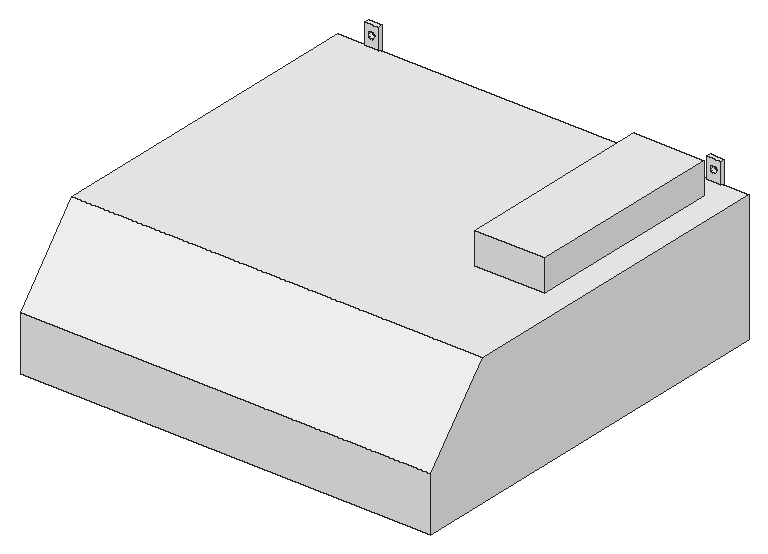
Revit family "v-316_317k7_kr7_kp7_60Hz", category 機械設備, Revit 2019
Family settings
  丸型コネクタ寸法 = 直径を使用
  パーツ タイプ = 標準
  OmniClass 番号 = 23.75.35.17.27
  OmniClass タイトル = Centrifugal Fans
  作業面ベース = いいえ
  常に垂直 = はい
  ロード時にボイドで切り取り = いいえ
  共有 = いいえ
  部屋計算ポイント = いいえ
Parameters (values of type "V-316K7")
  騒音レベル(dB(A)) = 46
  風量 = 570.0 m³/h
  電源種別 [instance] = ""
  電圧 = 100 V
  電動機出力 = 0 W
  電動機_種別 = ""
  集中コントローラ = ""
  運転質量 = 0.00 kg
  連動 [instance] = ""
  質量 = if(製品質量 > 運転質量, 製品質量, 運転質量) * 1.2  # 14.40 kg
  負荷分類 = 3_ファン類
  説明 = "レンジフードファン 浅形 標準タイプ"
  設計風量 = 0.0 m³/h
  設置方法 = "天吊"
  記号 [instance] = ""
  製造元 = "三菱電機株式会社"
  製品質量 = 12.00 kg
  製品出荷対象 = "国内"
  製品リリース年月 = "2022年6月1日"
  製品グループ = ""
  系統 [instance] = ""
  符号 = if(☑給気／□排気, "FS", "FE")  # "FE"
  積算_科目 = "2 換気設備"
  積算_拾い区分 [instance] = ""
  相 = 1
  盤記号 [instance] = ""
  発停方法 [instance] = ""
  特殊仕様 [instance] = ""
  火災停止 [instance] = ""
  消費電力 = 84 W
  法定耐用年数 = "15"
  機外静圧_排気 = 210.0 Pa
  機外静圧 = 0.0 Pa
  極数 = 2
  材質 [instance] = ""
  操作・制御方式 = ""
  操作・制御スイッチ = ""
  排気量 = 0.0 m³/h
  形式 = "片吸込形"
  幹線記号 [instance] = ""
  対象室 [instance] = ""
  実風量 = 0.0 m³/h
  始動方式 [instance] = "直入"
  天吊用穴_D2 = 336 mm
  天吊用穴_D1 = 15 mm
  天吊用穴_ピッチ = 250 mm
  外気量 = 0.0 m³/h
  呼称 = "遠心送風機"
  周波数 = 60 Hz
  取付金具_穴位置 = 16 mm
  取付金具_径 = 10 mm
  取付金具_ピッチ = 500 mm
  取付金具_H = 30 mm
  取付金具_Depth = 6 mm
  参照している仕様書等のバージョン = ""
  分類コード = "50052503100060"
  分類グループ = ""
  価格 = 61700
  企業コード = "108420"
  付属品_フィルター_還気 = ""
  付属品_フィルター = ""
  付属品 [instance] = ""
  仕様書バージョン = "Version1.0"
  モデル = "V-316K7"
  マテリアル = 鋼板(白)
  ファンの種類 = ""
  ダクト高 = 291 mm
  ダクト幅 = 102 mm
  コメント [instance] = ""
  Keynote = ""
  Assembly Code = ""
  ☑給気／□排気 = no
  Width = 600 mm
  W1 = Width / 2  # 300 mm
  Version = ""
  Uniclass2015Version = "Systems v1.9"
  Uniclass2015Title = "Centrifugal fans"
  Uniclass2015Code = "Pr_65_67_29_12"
  URL = "https://www.mitsubishielectric.co.jp/ldg/wink/ssl/displayProduct.do?pid=320496"
  SpecificationReference = ""
  SpecificationDescription = ""
  Revision = ""
  ProductInformation = ""
  OmniClassCode = "23-33 31 19 13 15"
  MIN風量 = 360.0 m³/h
  MIN静圧 = 0.0 Pa
  MID風量 = 0.0 m³/h
  MID静圧 = 0.0 Pa
  MAX風量 = 570.0 m³/h
  MAX静圧 = 0.0 Pa
  IfcTypeProduct = ""
  IfcProduct = ""
  IfcExportType = "CENTRIFUGALFORWARDCURVED"
  IfcExportAs = "IfcFanType"
  Height = 190 mm
  H1 = 110 mm
  EAダクト接続口_後部 = no
  EAダクト接続口_左 = no
  EAダクト接続口_右 = no
  EAダクト接続口_上部左 = no
  EAダクト接続口_上部右 = yes
  EAサイズ_W = 102 mm
  EAサイズ_D = 291 mm
  Duct_W = 210 mm
  Duct_Height = 46 mm
  Duct_H = 91 mm
  Duct_D = 178 mm
  Depth = 580 mm
  D1 = 95 mm
  Clearance Top = 0 mm
  Clearance Right = 0 mm
  Clearance Left = 0 mm
  Clearance Front = 0 mm
  Clearance Bottom = 0 mm
  Clearance Back = 0 mm
  Author = "三菱電機株式会社"
Types (4, lengths in mm): name | 騒音レベル(dB(A)) | 風量 | 質量 | 製品質量 | 消費電力 | 取付金具_ピッチ | 価格 | モデル | Width | W1 | URL | MIN風量 | MID風量 | MAX風量
  V-316K7 | 46 | 570.0 m³/h | 14.40 kg | 12.00 kg | 84 W | 500 | 61700 | "V-316K7" | 600 | 300 | "https://www.mitsubishielectric.co.jp/ldg/wink/ssl/displayProduct.do?pid=320496" | 360.0 m³/h | 0.0 m³/h | 570.0 m³/h
  V-316KR7 | 46 | 570.0 m³/h | 14.40 kg | 12.00 kg | 84 W | 500 | 72500 | "V-316KR7" | 600 | 300 | "https://www.mitsubishielectric.co.jp/ldg/wink/ssl/displayProduct.do?pid=320498" | 360.0 m³/h | 0.0 m³/h | 570.0 m³/h
  V-316KP7 | 53.5 | 790.0 m³/h | 15.60 kg | 13.00 kg | 130 W | 500 | 64800 | "V-316KP7" | 600 | 300 | "https://www.mitsubishielectric.co.jp/ldg/wink/ssl/displayProduct.do?pid=320497" | 335.0 m³/h | 555.0 m³/h | 790.0 m³/h
  V-317K7 | 46 | 570.0 m³/h | 15.60 kg | 13.00 kg | 84 W | 600 | 64200 | "V-317K7" | 700 | 350 | "https://www.mitsubishielectric.co.jp/ldg/wink/ssl/displayProduct.do?pid=320501" | 360.0 m³/h | 0.0 m³/h | 570.0 m³/h
Reference planes
  plane 1 "中心(正面/背面)": y = 0
  plane 2: z = 0
  plane 3 "中心(左/右)": x = 0
  plane 4: x = -300
  plane 5: x = 300
  plane 6: y = -580
  plane 7: z = -190
  plane 8: z = -110
  plane 9: z = 46
  plane 10: y = -290
  plane 11: y = -485
  plane 12: x = -210
  plane 13: x = 210
  plane 14: y = -178
  plane 15: x = -125
  plane 16: x = 125
  plane 17: y = -15
  plane 18: x = -150
  plane 19: x = 150
  plane 20: z = 30
  plane 21: z = 16
  plane 22: x = -250
  plane 23: x = -260
  plane 24: x = -240
  plane 25: x = 250
  plane 26: x = 260
  plane 27: x = 240
  plane 28: y = 6
  plane 29: x = 159
  plane 30: x = 261
  plane 31: y = -32.5
  plane 32: y = -323.5
  plane 33: x = -159
  plane 34: x = -261
  plane 35: x = -145.5
  plane 36: x = 145.5
  plane 37: z = -91
  plane 38: z = -142
  plane 39: z = -40
  plane 40: y = 46
  plane 41: x = 346
  plane 42: x = -346
  plane 43: y = -351
Forms (mm)
  Extrusion 1, solid, material "鋼板(白)" <- "マテリアル", detail levels fine
    sketch origin (0, 0, 0) x (1, 0, 0) y (0, 1, 0)
      loop
        line (-300, 0) -> (-300, -485) -> (300, -485) -> (300, 0) -> (-300, 0)
    from -190 to 0
  Blend 2, solid, material "鋼板(白)" <- "マテリアル", detail levels fine
    base sketch origin (0, 0, 0) x (1, 0, 0) y (0, 0, 1)
      loop
        line (-300, -190) -> (300, -190) -> (300, 0) -> (-300, 0) -> (-300, -190)
    top sketch origin (0, 0, 0) x (1, 0, 0) y (0, 0, 1)
      loop
        line (-300, -190) -> (300, -190) -> (300, -110) -> (-300, -110) -> (-300, -190)
    from 485 to 580
  Extrusion 3, solid, material "鋼板(白)" <- "マテリアル", visible <- "EAダクト接続口_上部右", detail levels fine
    sketch origin (0, 0, 0) x (1, 0, 0) y (0, 1, 0)
      loop
        line (159, -32.5) -> (159, -323.5) -> (261, -323.5) -> (261, -32.5) -> (159, -32.5)
    from 0 to 46
  Extrusion 4, solid, material "鋼板(白)" <- "マテリアル", visible <- "EAダクト接続口_上部左", detail levels fine
    sketch origin (0, 0, 0) x (1, 0, 0) y (0, 1, 0)
      loop
        line (-261, -32.5) -> (-261, -323.5) -> (-159, -323.5) -> (-159, -32.5) -> (-261, -32.5)
    from 0 to 46
  Extrusion 5, solid, material "鋼板(白)" <- "マテリアル"
    sketch origin (0, 0, 0) x (1, 0, 0) y (0, 0, 1)
      loop
        line (-260, 30) -> (-260, -190) -> (-240, -190) -> (-240, 30) -> (-260, 30)
      loop
        line (240, 30) -> (240, -190) -> (260, -190) -> (260, 30) -> (240, 30)
      loop
        circle (250, 16) r 5
      loop
        circle (-250, 16) r 5
    from -6 to 0
  Extrusion 6, solid, material "鋼板(白)" <- "マテリアル", visible <- "EAダクト接続口_後部"
    sketch origin (0, 0, 0) x (1, 0, 0) y (0, 0, 1)
      loop
        line (-145.5, -40) -> (-145.5, -142) -> (145.5, -142) -> (145.5, -40) -> (-145.5, -40)
    from -46 to 0
  Extrusion 7, solid, material "鋼板(白)" <- "マテリアル", visible <- "EAダクト接続口_左"
    sketch origin (0, 0, 0) x (0, 1, 0) y (0, 0, 1)
      loop
        line (-323.5, -142) -> (-32.5, -142) -> (-32.5, -40) -> (-323.5, -40) -> (-323.5, -142)
    from -346 to -300
  Extrusion 8, solid, material "鋼板(白)" <- "マテリアル", visible <- "EAダクト接続口_右"
    sketch origin (0, 0, 0) x (0, 1, 0) y (0, 0, 1)
      loop
        line (-323.5, -142) -> (-32.5, -142) -> (-32.5, -40) -> (-323.5, -40) -> (-323.5, -142)
    from 300 to 346
Cuts and joins
  joined: Extrusion 1, Blend 2
Lines and regions (mm)
  Masking region 1, detail levels coarse+medium
    outline origin (1326.5, 29, 0) x (1, 0, 0) y (0, 1, 0)
      loop
        line (-1626.5, -29) -> (-1626.5, -609) -> (-1026.5, -609) -> (-1026.5, -29) -> (-1626.5, -29)
  symbolic lines, detail levels coarse+medium
    curve 1: circle (-150, -290, 0) r 150 normal (0, 0, 1)
    curve 2: circle (150, -290, 0) r 150 normal (0, 0, 1)
Dimensions and locks
  equal spacing: plane 4, plane 3 "中心(左/右)", plane 5
  "Width": plane 4 to plane 5
  equal spacing: plane 6, plane 10, plane 1 "中心(正面/背面)"
  "Depth": plane 1 "中心(正面/背面)" to plane 6
  equal spacing: plane 12, plane 3 "中心(左/右)", plane 13
  "Duct_D": plane 1 "中心(正面/背面)" to plane 14
  "Height": level to plane 7
  "Duct_Height": plane 9 to level
  equal spacing: plane 15, plane 3 "中心(左/右)", plane 16
  "天吊用穴_ピッチ": plane 15 to plane 16
  "天吊用穴_D1": plane 1 "中心(正面/背面)" to plane 17
  equal spacing: plane 4, plane 18, plane 3 "中心(左/右)"
  equal spacing: plane 3 "中心(左/右)", plane 19, plane 5
  "D1": plane 11 to plane 6
  "H1": level to plane 8
  "取付金具_H": plane 20 to level
  "取付金具_穴位置": plane 21 to level
  equal spacing: plane 24, plane 22, plane 23
  locked: plane 24 to plane 23 at 20
  equal spacing: plane 27, plane 25, plane 26
  locked: plane 27 to plane 26 at 20
  equal spacing: plane 25, plane 3 "中心(左/右)", plane 22
  "取付金具_ピッチ": plane 25 to plane 22
  "取付金具_Depth": plane 28 to plane 1 "中心(正面/背面)"
  equal spacing: plane 29, plane 13, plane 30
  "EAサイズ_W": plane 29 to plane 30
  equal spacing: plane 31, plane 14, plane 32
  "EAサイズ_D": plane 31 to plane 32
  "EAサイズ_W": plane 33 to plane 34
  equal spacing: plane 34, plane 12, plane 33
  "Duct_W": plane 12 to plane 3 "中心(左/右)"
  equal spacing: plane 39, plane 37, plane 38
  "EAサイズ_W": plane 39 to plane 38
  "Duct_H": level to plane 37
  equal spacing: plane 36, plane 3 "中心(左/右)", plane 35
  "EAサイズ_D": plane 36 to plane 35
  "Duct_Height": plane 1 "中心(正面/背面)" to plane 40
  "Duct_Height": plane 42 to plane 4
  "Duct_Height": plane 5 to plane 41
  "天吊用穴_D2": plane 17 to plane 43
  "W1": diameter of curve 1
  "W1": diameter of curve 2
  "取付金具_径": diameter of Extrusion 5 sketch curve  (x2)
  aligned and locked: level to plane 2
  aligned and locked: Masking region 1 to plane 4
  aligned and locked: plane 5 to Masking region 1
  aligned and locked: Masking region 1 to plane 6
  aligned and locked: Masking region 1 to plane 1 "中心(正面/背面)"
  aligned and locked: plane 1 "中心(正面/背面)" to Extrusion 1 sketch curve
  aligned and locked: plane 4 to Extrusion 1 sketch curve
  aligned and locked: plane 11 to Extrusion 1 sketch curve
  aligned and locked: Extrusion 1 sketch curve to plane 5
  aligned and locked: Blend 2 sketch curve to plane 7  (x2)
  aligned and locked: level to Blend 2 sketch curve
  aligned and locked: plane 5 to Blend 2 sketch curve
  aligned and locked: Blend 2 sketch curve to plane 4
  aligned and locked: var sketch to Blend 2 sketch curve
  aligned and locked: Extrusion 1 to plane 7
  aligned and locked: level to Extrusion 1
  aligned and locked: Blend 2 to plane 6
  aligned and locked: plane 11 to Blend 2
  aligned and locked: plane 9 to Extrusion 3
  aligned and locked: Extrusion 3 to level
  aligned and locked: plane 9 to Extrusion 4
  aligned and locked: Extrusion 4 to level
  aligned and locked: plane 8 to Blend 2 sketch curve
  aligned and locked: Extrusion 5 sketch curve to plane 20  (x2)
  aligned and locked: plane 23 to Extrusion 5 sketch curve
  aligned and locked: plane 24 to Extrusion 5 sketch curve
  aligned and locked: plane 7 to Extrusion 5 sketch curve  (x2)
  aligned and locked: plane 27 to Extrusion 5 sketch curve
  aligned and locked: plane 26 to Extrusion 5 sketch curve
  aligned and locked: plane 28 to Extrusion 5
  aligned and locked: plane 1 "中心(正面/背面)" to Extrusion 5
  aligned and locked: Extrusion 3 sketch curve to plane 31
  aligned and locked: plane 29 to Extrusion 3 sketch curve
  aligned and locked: Extrusion 3 sketch curve to plane 32
  aligned and locked: plane 30 to Extrusion 3 sketch curve
  aligned and locked: Extrusion 4 sketch curve to plane 31
  aligned and locked: Extrusion 4 sketch curve to plane 32
  aligned and locked: plane 33 to Extrusion 4 sketch curve
  aligned and locked: plane 34 to Extrusion 4 sketch curve
  aligned and locked: Extrusion 6 sketch curve to plane 39
  aligned and locked: plane 35 to Extrusion 6 sketch curve
  aligned and locked: plane 38 to Extrusion 6 sketch curve
  aligned and locked: Extrusion 6 sketch curve to plane 36
  aligned and locked: Extrusion 6 to plane 40
  aligned and locked: plane 1 "中心(正面/背面)" to Extrusion 6
  aligned and locked: Extrusion 7 sketch curve to plane 38
  aligned and locked: plane 32 to Extrusion 7 sketch curve
  aligned and locked: plane 31 to Extrusion 7 sketch curve
  aligned and locked: Extrusion 8 sketch curve to plane 38
  aligned and locked: plane 32 to Extrusion 8 sketch curve
  aligned and locked: plane 39 to Extrusion 8 sketch curve
  aligned and locked: plane 31 to Extrusion 8 sketch curve
  aligned and locked: plane 41 to Extrusion 8
  aligned and locked: Extrusion 8 to plane 5
  aligned and locked: plane 42 to Extrusion 7
  aligned and locked: plane 4 to Extrusion 7
  aligned and locked: plane 15 to nested 1
  aligned and locked: plane 16 to nested 1
  aligned and locked: plane 17 to nested 1
  aligned and locked: nested 1 to plane 43
Automatic sketch dimensions
  curve 1 to plane 10 = 0 mm
  curve 1 to plane 18 = 0 mm
  curve 2 to plane 10 = 0 mm
  curve 2 to plane 19 = 0 mm
  Extrusion 5 sketch curve to plane 21 = 0 mm  (x2)
  Extrusion 5 sketch curve to plane 22 = 0 mm
  plane 25 to Extrusion 5 sketch curve = 0 mm
  Masking region 1 sketch curve to plane 4 = 0 mm
  Masking region 1 sketch curve to plane 5 = 0 mm
  Masking region 1 sketch curve to plane 6 = 0 mm
  plane 1 "中心(正面/背面)" to Masking region 1 sketch curve = 0 mm
  Blend 2 sketch curve to plane 4 = 0 mm
  Extrusion 4 sketch curve to plane 31 = 0 mm
  Extrusion 7 sketch curve to plane 39 = 0 mm
Nested families
  nested 1: "固定点" at (-125, -351, 0), type "固定点"
    with W 250 mm, D 336 mm
Connectors
  hvac at (210, -178, 46), driven by "ダクト幅", driven by "機外静圧", driven by "風量", driven by "ダクト高", driven by "ダクト幅"
    settings: on Extrusion 3, index 1, duct flow 570.0 m³/h, flow factor 0, pres drop 0.0 Pa, loss coef 0, conn angle 0.00°, conn width 102 mm, conn height 291 mm, conn diameter 102 mm, duct sys type 3, conn prof type 1, flow config 0, flow direction 2, loss method 4, conn ref index -1, conn util no, is conn primary yes, conn desc ""
  hvac at (-210, -178, 46), driven by "ダクト幅", driven by "機外静圧", driven by "風量", driven by "ダクト高", driven by "ダクト幅"
    settings: on Extrusion 4, index 2, duct flow 570.0 m³/h, flow factor 0, pres drop 0.0 Pa, loss coef 0, conn angle 0.00°, conn width 102 mm, conn height 291 mm, conn diameter 102 mm, duct sys type 3, conn prof type 1, flow config 0, flow direction 2, loss method 4, conn ref index -1, conn util no, is conn primary no, conn desc ""
  electrical at (0, -242.5, 0), driven by "極数", driven by "負荷分類", driven by "電圧", driven by "消費電力"
    settings: on cut or joined group of Extrusion 1, Blend 2, index 3, voltage 100 V, apparent load 84 VA, apparent load phase1 0 VA, apparent load phase2 0 VA, apparent load phase3 0 VA, power factor 1, load classification "3_ファン類", number of poles 2, system type 30, power factor state 1, is connector primary yes, connector utility no, sub classification motor no, connector description ""
  hvac at (346, -178, -91), driven by "ダクト幅", driven by "ダクト高", driven by "機外静圧", driven by "風量"
    settings: on Extrusion 8, index 4, duct flow 570.0 m³/h, flow factor 0, pres drop 0.0 Pa, loss coef 0, conn angle 0.00°, conn width 291 mm, conn height 102 mm, conn diameter 609.6 mm, duct sys type 3, conn prof type 1, flow config 0, flow direction 2, loss method 4, conn ref index -1, conn util no, is conn primary no, conn desc ""
  hvac at (0, 46, -91), driven by "ダクト幅", driven by "ダクト高", driven by "機外静圧", driven by "風量"
    settings: on Extrusion 6, index 5, duct flow 570.0 m³/h, flow factor 0, pres drop 0.0 Pa, loss coef 0, conn angle 0.00°, conn width 291 mm, conn height 102 mm, conn diameter 609.6 mm, duct sys type 3, conn prof type 1, flow config 0, flow direction 2, loss method 4, conn ref index -1, conn util no, is conn primary no, conn desc ""
  hvac at (-346, -178, -91), driven by "ダクト幅", driven by "ダクト高", driven by "機外静圧", driven by "風量"
    settings: on Extrusion 7, index 6, duct flow 570.0 m³/h, flow factor 0, pres drop 0.0 Pa, loss coef 0, conn angle 0.00°, conn width 291 mm, conn height 102 mm, conn diameter 609.6 mm, duct sys type 3, conn prof type 1, flow config 0, flow direction 2, loss method 4, conn ref index -1, conn util no, is conn primary no, conn desc ""
Definition of nested family "固定点"
  Parameters (values of type "固定点")
    中心円 = 20 mm
    W [instance] = 1000 mm
    D [instance] = 1000 mm
  Reference planes
    plane 1 "中心(正面/背面)": y = 0
    plane 2: z = 0
    plane 3 "中心(左/右)": x = 0
    plane 4: x = 1000
    plane 5: y = 1000
  Lines and regions (mm)
    symbolic lines, detail levels fine
      curve 1: circle (0, 1000, 0) r 10 normal (0, 0, 1)
      curve 2: circle (0, 0, 0) r 10 normal (0, 0, 1)
      curve 3: circle (1000, 1000, 0) r 10 normal (0, 0, 1)
      curve 4: circle (1000, 0, 0) r 10 normal (0, 0, 1)
      curve 5: line (-200, 1000, 0) -> (1200, 1000, 0)
      curve 6: line (-200, 0, 0) -> (1200, 0, 0)
      curve 7: line (0, 1200, 0) -> (0, -200, 0)
      curve 8: line (1000, 1200, 0) -> (1000, -200, 0)
  Dimensions and locks
    "W": plane 3 "中心(左/右)" to plane 4
    "D": plane 1 "中心(正面/背面)" to plane 5
    "中心円": diameter of curve 1
    "中心円": diameter of curve 2
    "中心円": diameter of curve 3
    "中心円": diameter of curve 4
    aligned and locked: level to plane 2
    aligned and locked: plane 5 to curve 1
    aligned and locked: plane 3 "中心(左/右)" to curve 1
    aligned and locked: plane 3 "中心(左/右)" to curve 2
    aligned and locked: plane 1 "中心(正面/背面)" to curve 2
    aligned and locked: plane 4 to curve 3
    aligned and locked: plane 5 to curve 3
    aligned and locked: plane 1 "中心(正面/背面)" to curve 4
    aligned and locked: plane 4 to curve 4
    aligned and locked: plane 1 "中心(正面/背面)" to curve 6
    aligned and locked: curve 7 to plane 3 "中心(左/右)"
    aligned and locked: curve 8 to plane 4
  Automatic sketch dimensions
    curve 5 to plane 5 = 0 mm
    curve 6 to plane 3 "中心(左/右)" = 200 mm
    curve 5 to plane 3 "中心(左/右)" = 200 mm
    curve 4 to curve 6 = 200 mm
    curve 3 to curve 5 = 200 mm
    plane 1 "中心(正面/背面)" to curve 8 = 200 mm
    plane 1 "中心(正面/背面)" to curve 7 = 200 mm
    curve 3 to curve 8 = 200 mm
    curve 1 to curve 7 = 200 mm
